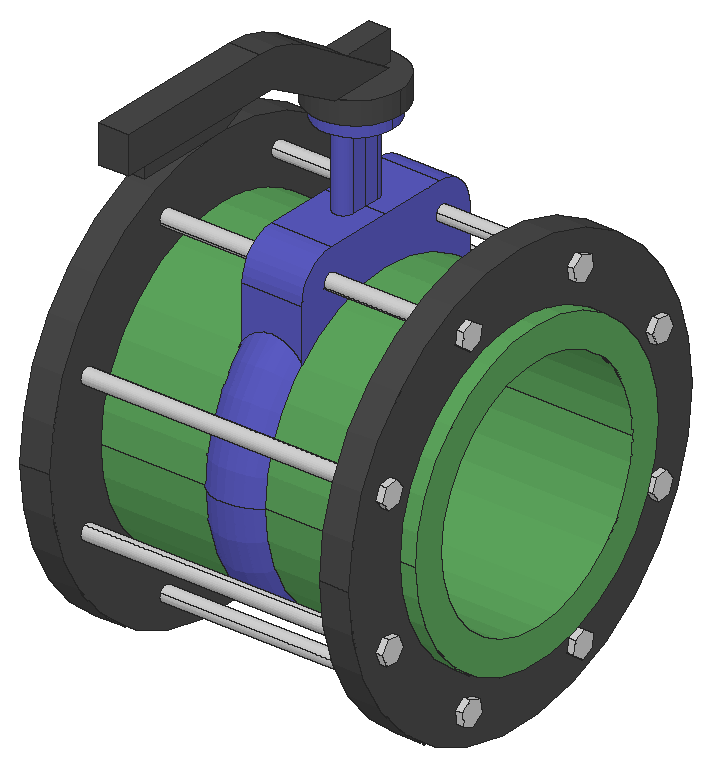
Revit family "Aquatherm_Запорный клапан с рычагом_1", category Соединительные детали трубопроводов, Revit 2019
Family settings
  Размер круглого соединителя = Использовать диаметр
  Тип детали = Соединение
  На основе рабочей плоскости = Нет
  Всегда вертикально = Да
  При загрузке вырезать с полостями = Нет
  Общий = Нет
Parameters (values of type "SDR 11")
  Материал_Корпус_3 = AquaTherm blue pipe
  Материал_Корпус_2 = AquaTherm black pipe
  Материал_Корпус = AquaTherm green pipe
  Материал_Гайки = AquaTherm сталь pipe
  z1 [instance] = 200 mm
  z [instance] = size_lookup("Запорный клапан с рычагом", "z", 5 mm, d, SDR)  # 227 mm
  n [instance] = d1 / 2 * cos(22.50°)  # 112.713 mm
  m [instance] = d1 / 2 * sin(22.50°)  # 46.687 mm
  d1 [instance] = (D - d) + D  # 244 mm
  URL = "www.agpipe.ru"
  SDR = 11 mm
  D [instance] = size_lookup("Запорный клапан с рычагом", "D", d + 8 mm, d, SDR)  # 202 mm
  l [instance] = size_lookup("Запорный клапан с рычагом", "L", 20 mm, d, SDR)  # 242 mm
  d [instance] = 160 mm
  ADSK_Примечание = ""
  ADSK_Позиция [instance] = ""
  ADSK_Обозначение = ""
  ADSK_Наименование [instance] = size_lookup("Запорный клапан с рычагом", "ADSK_Наименование", "Нет в каталоге", d)  # "Запорный клапан с рычагом DN160"
  ADSK_Масса_Текст [instance] = size_lookup("Запорный клапан с рычагом", "ADSK_Масса_Текст", "Нет в каталоге", d)  # "22"
  ADSK_Код изделия [instance] = size_lookup("Запорный клапан с рычагом", "ADSK_Код изделия", "Нет в каталоге", d)  # "2041830"
  ADSK_Завод-изготовитель = "Aquatherm"  # constant formula
  ADSK_Единица измерения = "шт."  # constant formula
Types (3, lengths in mm): name | SDR
  (no name) | 11
  SDR 11 | 11
  SDR 17.6 | 17.6
Reference planes
  plane 1 "По центру (Вперед/Назад)": y = 0
  plane 2: z = 0
  plane 3 "По центру (Влево/Вправо)": x = 0
  plane 4: x = -121
  plane 5: x = 121
  plane 6: x = -100
  plane 7: x = 100
Forms (mm)
  Extrusion 1, solid, material "AquaTherm green pipe" <- "Материал_Корпус"
    sketch origin (0, 0, 0) x (0, 1, 0) y (0, 0, 1)
      loop
        circle (0, 0) r 101
      loop
        circle (0, 0) r 80
    from -121 to 121
  Sweep 2, solid, material "AquaTherm blue pipe" <- "Материал_Корпус_3"
    path origin (0, 0, 0) x (0, 1, 0) y (0, 0, 1)
      loop
        circle (0, 0) r 101
    profile origin (0, 0, 101) x (0, 0, -1) y (1, 0, 0)
      loop
        arc (0, 20) -> (-8.406, 0) -> (0, -20) r 27.996
        line (0, -20) -> (0, 20)
  Extrusion 3, solid, material "AquaTherm blue pipe" <- "Материал_Корпус_3"
    sketch origin (0, 0, 50) x (1, 0, 0) y (0, 1, 0)
      loop
        circle (0, 0) r 25
    from 135 to 145
  Extrusion 4, solid, material "AquaTherm black pipe" <- "Материал_Корпус_2"
    sketch origin (0, 0, 50) x (1, 0, 0) y (0, 1, 0)
      loop
        circle (0, 0) r 30
    from 145 to 160
  Extrusion 5, solid, material "AquaTherm blue pipe" <- "Материал_Корпус_3"
    sketch origin (0, 0, 0) x (1, 0, 0) y (0, 1, 0)
      loop
        line (-7, 0) -> (-7, -10)
        arc (-7, -10) -> (-0.012, -16.988) -> (6.977, -10) r 6.988
        line (6.977, -10) -> (6.977, 0) -> (6.977, 10)
        arc (6.977, 10) -> (-0.012, 16.988) -> (-7, 10) r 6.988
        line (-7, 10) -> (-7, 0)
    from 0 to 185
  Extrusion 6, solid, material "AquaTherm black pipe" <- "Материал_Корпус_2"
    sketch origin (0, 0, 50) x (0, 1, 0) y (0, 0, 1)
      loop
        line (-30, 160) -> (15, 160) -> (-54.192, 203.761)
        arc (-54.192, 203.761) -> (-72.792, 212.134) -> (-92.987, 215) r 72.579
        line (-92.987, 215) -> (-201.962, 215) -> (-201.962, 190) -> (-81.962, 190) -> (-30, 160)
    from -10 to 10
  Extrusion 7, solid, material "AquaTherm black pipe" <- "Материал_Корпус_2"
    sketch origin (0, 0, 50) x (0, 1, 0) y (0, 0, 1)
      loop
        line (-185, 190) -> (-185, 180) -> (-118.555, 180) -> (-97.11, 190) -> (-185, 190)
      loop
        line (20, 160) -> (20, 180) -> (-20, 180) -> (-20, 160) -> (20, 160)
    from -7 to 6.977
  Extrusion 8, void
    sketch origin (0, 0, 0) x (0, 1, 0) y (0, 0, 1)
      loop
        circle (0, 0) r 80
    from -121 to 121
  Extrusion 9, solid, material "AquaTherm blue pipe" <- "Материал_Корпус_3"
    sketch origin (0, 0, 0) x (0, 1, 0) y (0, 0, 1)
      loop
        line (0, 132.628) -> (-45, 132.628)
        arc (-45, 132.628) -> (-62.678, 125.305) -> (-70, 107.628) r 25
        line (-70, 107.628) -> (-70, 0) -> (70, 0) -> (70, 107.628)
        arc (70, 107.628) -> (62.678, 125.305) -> (45, 132.628) r 25
        line (45, 132.628) -> (0, 132.628)
      loop
        circle (-46.687, 112.713) r 5
      loop
        circle (46.687, 112.713) r 5
    from -20 to 20
Cuts and joins
  joined: Extrusion 6, Extrusion 7
  Extrusion 8 cuts Sweep 2
  Extrusion 8 cuts Extrusion 5
  Extrusion 8 cuts Extrusion 9
  joined: Sweep 2, Extrusion 5, Extrusion 9
  Extrusion 8 cuts Extrusion 1
Lines and regions (mm)
  reference lines
    curve 1: line (-121, 0, 0) -> (121, 0, 0)
Dimensions and locks
  equal spacing: plane 4, plane 3 "По центру (Влево/Вправо)", plane 5
  "l": plane 4 to plane 5
  equal spacing: plane 6, plane 3 "По центру (Влево/Вправо)", plane 7
  "z1": plane 6 to plane 7
  "d": diameter of Extrusion 1 sketch curve
  "D": diameter of Extrusion 1 sketch curve
  "D": diameter of Sweep 2 sketch curve
  "d": diameter of Extrusion 8 sketch curve
  aligned and locked: level to plane 2
  aligned and locked: plane 5 to Extrusion 1
  aligned and locked: Extrusion 1 to plane 4
  aligned and locked: profile plane to Sweep 2 sketch curve
  aligned and locked: Extrusion 4 to Extrusion 3
  aligned and locked: nested 2 to plane 7
  aligned and locked: nested 1 to plane 6
  aligned and locked: plane 3 "По центру (Влево/Вправо)" to nested 3
  aligned and locked: plane 5 to curve 1
  aligned and locked: plane 4 to curve 1
  aligned and locked: Extrusion 8 to plane 4
  aligned and locked: plane 5 to Extrusion 8
Automatic sketch dimensions
  plane 1 "По центру (Вперед/Назад)" to Extrusion 3 sketch curve = 0 mm
  Extrusion 3 sketch curve to plane 3 "По центру (Влево/Вправо)" = 0 mm
  plane 1 "По центру (Вперед/Назад)" to Extrusion 4 sketch curve = 0 mm
  Extrusion 4 sketch curve to plane 3 "По центру (Влево/Вправо)" = 0 mm
  plane 1 "По центру (Вперед/Назад)" to Extrusion 5 sketch curve = 0 mm  (x2)
  Extrusion 5 sketch curve to plane 3 "По центру (Влево/Вправо)" = 7 mm
  Extrusion 5 sketch curve to plane 3 "По центру (Влево/Вправо)" = 0.012 mm
  Extrusion 5 sketch curve to Extrusion 5 sketch curve = 10 mm
  Extrusion 5 sketch curve to plane 1 "По центру (Вперед/Назад)" = 10 mm
  plane 1 "По центру (Вперед/Назад)" to Extrusion 6 sketch curve = 201.962 mm
  plane 1 "По центру (Вперед/Назад)" to Extrusion 6 sketch curve = 92.987 mm
  Extrusion 6 sketch curve to Extrusion 6 sketch curve = 11.026 mm
  Extrusion 6 sketch curve to Extrusion 6 sketch curve = 27.77 mm
  plane 1 "По центру (Вперед/Назад)" to Extrusion 6 sketch curve = 30 mm
  Extrusion 6 sketch curve to plane 1 "По центру (Вперед/Назад)" = 15 mm
  level to Extrusion 6 sketch curve = 192.421 mm
  Extrusion 6 sketch curve to Extrusion 6 sketch curve = 17.579 mm
  Extrusion 6 sketch curve to Extrusion 6 sketch curve = 47.579 mm
  Extrusion 6 sketch curve to Extrusion 6 sketch curve = 13.761 mm
  plane 1 "По центру (Вперед/Назад)" to Extrusion 7 sketch curve = 185 mm
  Extrusion 7 sketch curve to Extrusion 7 sketch curve = 66.445 mm
  Extrusion 7 sketch curve to Extrusion 7 sketch curve = 21.445 mm
  plane 1 "По центру (Вперед/Назад)" to Extrusion 7 sketch curve = 20 mm
  Extrusion 7 sketch curve to plane 1 "По центру (Вперед/Назад)" = 20 mm
  level to Extrusion 7 sketch curve = 230 mm
  Extrusion 7 sketch curve to Extrusion 7 sketch curve = 0 mm
  Extrusion 7 sketch curve to Extrusion 7 sketch curve = 10 mm
  Extrusion 7 sketch curve to Extrusion 7 sketch curve = 20 mm
  plane 1 "По центру (Вперед/Назад)" to curve 1 = 0 mm
  Sweep 2 sketch curve to plane 3 "По центру (Влево/Вправо)" = 0 mm
  Sweep 2 sketch curve to profile plane = 19.59 mm
  Sweep 2 sketch curve to plane 3 "По центру (Влево/Вправо)" = 20 mm
  level to Extrusion 9 sketch curve = 0 mm
  Extrusion 9 sketch curve to plane 1 "По центру (Вперед/Назад)" = 0 mm
  plane 1 "По центру (Вперед/Назад)" to Extrusion 9 sketch curve = 45 mm
  Extrusion 9 sketch curve to Extrusion 9 sketch curve = 1.687 mm  (x2)
  Extrusion 9 sketch curve to Extrusion 9 sketch curve = 23.313 mm  (x2)
  Extrusion 9 sketch curve to plane 1 "По центру (Вперед/Назад)" = 45 mm
  level to Extrusion 9 sketch curve = 107.628 mm
  Extrusion 9 sketch curve to Extrusion 9 sketch curve = 5.086 mm  (x2)
  Extrusion 1 sketch curve to Extrusion 1 sketch curve = 0 mm  (x2)
  Extrusion 1 sketch curve to level = 0 mm
  Extrusion 1 sketch curve to plane 1 "По центру (Вперед/Назад)" = 0 mm
  Sweep 2 sketch curve to level = 0 mm
  Sweep 2 sketch curve to plane 1 "По центру (Вперед/Назад)" = 0 mm
  Extrusion 8 sketch curve to level = 0 mm
  Extrusion 8 sketch curve to plane 1 "По центру (Вперед/Назад)" = 0 mm
  radius of Extrusion 3 sketch curve = 25 mm
  radius of Extrusion 4 sketch curve = 30 mm
  radius of Extrusion 9 sketch curve = 5 mm  (x2)
Nested families
  nested 1: "Aquatherm_Фланец" at (-100, 0, 0), DN <- "d", d <- "D", Материал_Фланец <- "Материал_Корпус_2", type "Aquatherm_Фланец"
    with Материал_Фланец AquaTherm black pipe, n 8, d2 22 mm, d1 240 mm, d 202 mm, N 8 mm, L 20 mm, DN 160 mm, D 286 mm, ADSK_Позиция "", ADSK_Обозначение "", ADSK_Наименование "Фланец DN160", ADSK_Масса_Текст "3.671", ADSK_Код изделия "15730"
  nested 2: "Aquatherm_Фланец" at (100, 0, 0) x (-1, 0, 0) z (0, 0, 1), DN <- "d", d <- "D", Материал_Фланец <- "Материал_Корпус_2", type "Aquatherm_Фланец"
    with Материал_Фланец AquaTherm black pipe, n 8, d2 22 mm, d1 240 mm, d 202 mm, N 8 mm, L 20 mm, DN 160 mm, D 286 mm, ADSK_Позиция "", ADSK_Обозначение "", ADSK_Наименование "Фланец DN160", ADSK_Масса_Текст "3.671", ADSK_Код изделия "15730"
  nested 3: "Винт" at (0, 0, 0), d1 <- "d1", z <- "z1", Материал_Корпус <- "Материал_Гайки", type "Винт"
    with Материал_Корпус AquaTherm сталь pipe, z2 220 mm, z1 180 mm, z 200 mm, d1 244 mm
  nested 4: "Винт" at (0, 0, 0) x (-1, 0, 0) z (0, 0, 1), d1 <- "d1", z <- "z1", Материал_Корпус <- "Материал_Гайки", type "Винт"
    with Материал_Корпус AquaTherm сталь pipe, z2 220 mm, z1 180 mm, z 200 mm, d1 244 mm
  nested 5: "Крепление" at (0, 0, 0), d1 <- "d1", z <- "z1", Материал_Корпус <- "Материал_Гайки", type "Крепление"
    with Материал_Корпус AquaTherm сталь pipe, z2 220 mm, z1 180 mm, z 200 mm, d1 244 mm
Connectors
  piping at (-121, 0, 0), diameter 160, driven by "d"
    settings: on curve 1, index 1, connector inside diameter 609.6 mm, connector length 0 mm, flow factor 0, pipe flow 0.0 L/s, pressure drop 0.0 Pa, fitting loss kfactor 0, connector angle 0.00°, fixture units 0, engagement length 0 mm, angle of deflection 0.00°, flow configuration 0, flow direction 0, fitting loss method 0, system type 28, joint type 0, gender type 0, connector reference index 2, connector utility 0, adjustable connector no, is connector primary yes, connector description ""
  piping at (121, 0, 0), diameter 160, driven by "d"
    settings: on curve 1, index 2, connector inside diameter 609.6 mm, connector length 0 mm, flow factor 0, pipe flow 0.0 L/s, pressure drop 0.0 Pa, fitting loss kfactor 0, connector angle 0.00°, fixture units 0, engagement length 0 mm, angle of deflection 0.00°, flow configuration 0, flow direction 0, fitting loss method 0, system type 28, joint type 0, gender type 0, connector reference index 1, connector utility 0, adjustable connector no, is connector primary no, connector description ""
Definition of nested family "Aquatherm_Фланец"
  Parameters (values of type "Aquatherm_Фланец")
    Материал_Фланец [instance] = none
    n [instance] = N / 1 mm  # 4
    URL = "http://aquatherm.ru/"
    N [instance] = size_lookup("Фланец", "N", 4 mm, DN)  # 4 mm
    L [instance] = 20 mm  # constant formula
    d2 [instance] = size_lookup("Фланец", "d2", 20 mm, DN)  # 18 mm
    d1 [instance] = size_lookup("Фланец", "d1", (D - d) / 2, DN)  # 145 mm
    d [instance] = 92 mm
    DN [instance] = 75 mm
    D [instance] = size_lookup("Фланец", "D", DN * 3, DN)  # 186 mm
    ADSK_Примечание = ""
    ADSK_Позиция [instance] = ""
    ADSK_Обозначение [instance] = ""
    ADSK_Наименование [instance] = size_lookup("Фланец", "ADSK_Наименование", "Нет в каталоге", DN)  # "Фланец DN75"
    ADSK_Масса_Текст [instance] = size_lookup("Фланец", "ADSK_Масса_Текст", "Нет в каталоге", DN)  # "1.132"
    ADSK_Код изделия [instance] = size_lookup("Фланец", "ADSK_Код изделия", "Нет в каталоге", DN)  # "15720"
    ADSK_Завод-изготовитель = "Aquatherm"  # constant formula
    ADSK_Единица измерения = "шт."  # constant formula
  Reference planes
    plane 1 "По центру (Вперед/Назад)": y = 0
    plane 2: z = 0
    plane 3 "По центру (Влево/Вправо)": x = 0
    plane 4: x = -10
    plane 5: x = 10
  Forms (mm)
    Extrusion 1, solid, material <- "Материал_Фланец"
      sketch origin (0, 0, 0) x (0, 1, 0) y (0, 0, 1)
        loop
          circle (0, 0) r 46
        loop
          circle (0, 0) r 93
      from -10 to 10
  Dimensions and locks
    equal spacing: plane 4, plane 3 "По центру (Влево/Вправо)", plane 5
    "L": plane 4 to plane 5
    "D": diameter of Extrusion 1 sketch curve
    "d": diameter of Extrusion 1 sketch curve
    aligned and locked: level to plane 2
    aligned and locked: Extrusion 1 to plane 4
    aligned and locked: Extrusion 1 to plane 5
  Automatic sketch dimensions
    Extrusion 1 sketch curve to Extrusion 1 sketch curve = 0 mm  (x2)
    Extrusion 1 sketch curve to level = 0 mm
    Extrusion 1 sketch curve to plane 1 "По центру (Вперед/Назад)" = 0 mm
Definition of nested family "Винт"
  Parameters (values of type "Винт")
    Материал_Корпус [instance] = none
    z2 [instance] = z + 20 mm  # 98 mm
    z1 [instance] = z - 20 mm  # 58 mm
    z [instance] = 78 mm
    d1 [instance] = 180 mm
  Reference planes
    plane 1 "По центру (Вперед/Назад)": y = 0
    plane 2: z = 0
    plane 3 "По центру (Влево/Вправо)": x = 0
    plane 4: x = -29
    plane 5: x = 29
    plane 6: x = 49
    plane 7: x = -49
    plane 8: x = 54
  Forms (mm)
    Extrusion 1, void
      sketch origin (0, 0, 0) x (0, 1, 0) y (0, 0, 1)
        loop
          circle (0, 0) r 275
      from 0 to 49
    Extrusion 2, void
      sketch origin (0, 0, 0) x (0, 1, 0) y (0, 0, 1)
        loop
          circle (0, 0) r 395
      from 54 to 1035.366
    Extrusion 3, solid, material <- "Материал_Корпус"
      sketch origin (49, 34.442, 83.149) x (0, -0.382683, -0.92388) y (0, 0.92388, -0.382683)
        loop
          line (7.5, 4.33) -> (0, 8.66) -> (-7.5, 4.33) -> (-7.5, -4.33) -> (0, -8.66) -> (7.5, -4.33) -> (7.5, 4.33)
      from -49 to 466
    Extrusion 4, solid, material <- "Материал_Корпус"
      sketch origin (49, 83.149, 34.442) x (0, -0.92388, -0.382683) y (0, 0.382683, -0.92388)
        loop
          line (7.5, 4.33) -> (0, 8.66) -> (-7.5, 4.33) -> (-7.5, -4.33) -> (0, -8.66) -> (7.5, -4.33) -> (7.5, 4.33)
      from -49 to 466
    Extrusion 5, solid, material <- "Материал_Корпус"
      sketch origin (49, 83.149, -34.442) x (0, -0.92388, 0.382683) y (0, -0.382683, -0.92388)
        loop
          line (7.5, 4.33) -> (0, 8.66) -> (-7.5, 4.33) -> (-7.5, -4.33) -> (0, -8.66) -> (7.5, -4.33) -> (7.5, 4.33)
      from -49 to 466
    Extrusion 6, solid, material <- "Материал_Корпус"
      sketch origin (49, 34.442, -83.149) x (0, -0.382683, 0.92388) y (0, -0.92388, -0.382683)
        loop
          line (7.5, 4.33) -> (0, 8.66) -> (-7.5, 4.33) -> (-7.5, -4.33) -> (0, -8.66) -> (7.5, -4.33) -> (7.5, 4.33)
      from -49 to 466
    Extrusion 7, solid, material <- "Материал_Корпус"
      sketch origin (49, -34.442, -83.149) x (0, 0.382683, 0.92388) y (0, -0.92388, 0.382683)
        loop
          line (7.5, 4.33) -> (0, 8.66) -> (-7.5, 4.33) -> (-7.5, -4.33) -> (0, -8.66) -> (7.5, -4.33) -> (7.5, 4.33)
      from -49 to 466
    Extrusion 8, solid, material <- "Материал_Корпус"
      sketch origin (49, -83.149, -34.442) x (0, 0.92388, 0.382683) y (0, -0.382683, 0.92388)
        loop
          line (7.5, 4.33) -> (0, 8.66) -> (-7.5, 4.33) -> (-7.5, -4.33) -> (0, -8.66) -> (7.5, -4.33) -> (7.5, 4.33)
      from -49 to 466
    Extrusion 9, solid, material <- "Материал_Корпус"
      sketch origin (49, -83.149, 34.442) x (0, 0.92388, -0.382683) y (0, 0.382683, 0.92388)
        loop
          line (7.5, 4.33) -> (0, 8.66) -> (-7.5, 4.33) -> (-7.5, -4.33) -> (0, -8.66) -> (7.5, -4.33) -> (7.5, 4.33)
      from -49 to 466
    Extrusion 10, solid, material <- "Материал_Корпус"
      sketch origin (49, -34.442, 83.149) x (0, 0.382683, -0.92388) y (0, 0.92388, 0.382683)
        loop
          line (7.5, 4.33) -> (0, 8.66) -> (-7.5, 4.33) -> (-7.5, -4.33) -> (0, -8.66) -> (7.5, -4.33) -> (7.5, 4.33)
      from -49 to 466
  Cuts and joins
    Extrusion 1, Extrusion 2 cuts Extrusion 3
    Extrusion 1, Extrusion 2 cuts Extrusion 4
    Extrusion 1, Extrusion 2 cuts Extrusion 5
    Extrusion 1, Extrusion 2 cuts Extrusion 10
    Extrusion 1, Extrusion 2 cuts Extrusion 6
    Extrusion 1, Extrusion 2 cuts Extrusion 9
    Extrusion 1, Extrusion 2 cuts Extrusion 7
    Extrusion 1, Extrusion 2 cuts Extrusion 8
  Lines and regions (mm)
    reference lines
      curve 1: circle (0, 0, 0) r 86.5 normal (1, 0, 0)
  Dimensions and locks
    equal spacing: plane 4, plane 3 "По центру (Влево/Вправо)", plane 5
    "z1": plane 4 to plane 5
    equal spacing: plane 7, plane 3 "По центру (Влево/Вправо)", plane 6
    "z2": plane 7 to plane 6
    locked: plane 6 to plane 8 at 5
    "d1": diameter of radial array
    aligned and locked: level to plane 2
    aligned and locked: plane 6 to Extrusion 1
    aligned and locked: Extrusion 2 to plane 8
  Automatic sketch dimensions
    Extrusion 1 sketch curve to level = 0 mm
    Extrusion 1 sketch curve to plane 1 "По центру (Вперед/Назад)" = 0 mm
    Extrusion 2 sketch curve to level = 0 mm
    Extrusion 2 sketch curve to plane 1 "По центру (Вперед/Назад)" = 0 mm
    curve 1 to level = 0 mm
    curve 1 to plane 1 "По центру (Вперед/Назад)" = 0 mm
    Extrusion 3 sketch curve to Extrusion 3 sketch curve = 7.5 mm  (x3)
    Extrusion 3 sketch curve to Extrusion 3 sketch curve = 0 mm
    Extrusion 3 sketch curve to Extrusion 3 sketch curve = 4.33 mm  (x2)
    Extrusion 3 sketch curve to Extrusion 3 sketch curve = 8.66 mm  (x2)
    Extrusion 4 sketch curve to Extrusion 4 sketch curve = 7.5 mm  (x3)
    Extrusion 4 sketch curve to Extrusion 4 sketch curve = 0 mm
    Extrusion 4 sketch curve to Extrusion 4 sketch curve = 4.33 mm  (x2)
    Extrusion 4 sketch curve to Extrusion 4 sketch curve = 8.66 mm  (x2)
    Extrusion 5 sketch curve to Extrusion 5 sketch curve = 7.5 mm  (x3)
    Extrusion 5 sketch curve to Extrusion 5 sketch curve = 0 mm
    Extrusion 5 sketch curve to Extrusion 5 sketch curve = 4.33 mm  (x2)
    Extrusion 5 sketch curve to Extrusion 5 sketch curve = 8.66 mm  (x2)
    Extrusion 6 sketch curve to Extrusion 6 sketch curve = 7.5 mm  (x3)
    Extrusion 6 sketch curve to Extrusion 6 sketch curve = 0 mm
    Extrusion 6 sketch curve to Extrusion 6 sketch curve = 4.33 mm  (x2)
    Extrusion 6 sketch curve to Extrusion 6 sketch curve = 8.66 mm  (x2)
    Extrusion 7 sketch curve to Extrusion 7 sketch curve = 7.5 mm  (x3)
    Extrusion 7 sketch curve to Extrusion 7 sketch curve = 0 mm
    Extrusion 7 sketch curve to Extrusion 7 sketch curve = 4.33 mm  (x2)
    Extrusion 7 sketch curve to Extrusion 7 sketch curve = 8.66 mm  (x2)
    Extrusion 8 sketch curve to Extrusion 8 sketch curve = 7.5 mm  (x3)
    Extrusion 8 sketch curve to Extrusion 8 sketch curve = 0 mm
    Extrusion 8 sketch curve to Extrusion 8 sketch curve = 4.33 mm  (x2)
    Extrusion 8 sketch curve to Extrusion 8 sketch curve = 8.66 mm  (x2)
    Extrusion 9 sketch curve to Extrusion 9 sketch curve = 7.5 mm  (x3)
    Extrusion 9 sketch curve to Extrusion 9 sketch curve = 0 mm
    Extrusion 9 sketch curve to Extrusion 9 sketch curve = 4.33 mm  (x2)
    Extrusion 9 sketch curve to Extrusion 9 sketch curve = 8.66 mm  (x2)
    Extrusion 10 sketch curve to Extrusion 10 sketch curve = 7.5 mm  (x3)
    Extrusion 10 sketch curve to Extrusion 10 sketch curve = 0 mm
    Extrusion 10 sketch curve to Extrusion 10 sketch curve = 4.33 mm  (x2)
    Extrusion 10 sketch curve to Extrusion 10 sketch curve = 8.66 mm  (x2)
    radius of Extrusion 1 sketch curve = 275 mm
    radius of Extrusion 2 sketch curve = 395 mm
    radius of curve 1 = 86.5 mm
Definition of nested family "Крепление"
  Parameters (values of type "Крепление")
    Материал_Корпус [instance] = none
    z2 [instance] = z + 20 mm  # 98 mm
    z1 [instance] = z - 20 mm  # 58 mm
    z [instance] = 78 mm
    d1 [instance] = 180 mm
  Reference planes
    plane 1 "По центру (Вперед/Назад)": y = 0
    plane 2: z = 0
    plane 3 "По центру (Влево/Вправо)": x = 0
    plane 4: x = -29
    plane 5: x = 29
    plane 6: x = 49
    plane 7: x = -49
    plane 8: x = 54
  Forms (mm)
    Extrusion 1, void
      sketch origin (0, 0, 0) x (0, 1, 0) y (0, 0, 1)
        loop
          circle (0, 0) r 275
      from -581.385 to -29
    Extrusion 2, void
      sketch origin (0, 0, 0) x (0, 1, 0) y (0, 0, 1)
        loop
          circle (0, 0) r 395
      from 29 to 1035.366
    Extrusion 3, solid, material <- "Материал_Корпус"
      sketch origin (0, -8.979, -21.678) x (0, 0.92388, -0.382683) y (0, 0.382683, 0.92388)
        loop
          circle (0, 113.464) r 5
      from -374.689 to 410.817
    Extrusion 4, solid, material <- "Материал_Корпус"
      sketch origin (0, -21.678, -8.979) x (0, 0.382683, -0.92388) y (0, 0.92388, 0.382683)
        loop
          circle (0, 113.464) r 5
      from -374.689 to 410.817
    Extrusion 5, solid, material <- "Материал_Корпус"
      sketch origin (0, -21.678, 8.979) x (0, -0.382683, -0.92388) y (0, 0.92388, -0.382683)
        loop
          circle (0, 113.464) r 5
      from -374.689 to 410.817
    Extrusion 6, solid, material <- "Материал_Корпус"
      sketch origin (0, -8.979, 21.678) x (0, -0.92388, -0.382683) y (0, 0.382683, -0.92388)
        loop
          circle (0, 113.464) r 5
      from -374.689 to 410.817
    Extrusion 7, solid, material <- "Материал_Корпус"
      sketch origin (0, 8.979, 21.678) x (0, -0.92388, 0.382683) y (0, -0.382683, -0.92388)
        loop
          circle (0, 113.464) r 5
      from -374.689 to 410.817
    Extrusion 8, solid, material <- "Материал_Корпус"
      sketch origin (0, 21.678, 8.979) x (0, -0.382683, 0.92388) y (0, -0.92388, -0.382683)
        loop
          circle (0, 113.464) r 5
      from -374.689 to 410.817
    Extrusion 9, solid, material <- "Материал_Корпус"
      sketch origin (0, 21.678, -8.979) x (0, 0.382683, 0.92388) y (0, -0.92388, 0.382683)
        loop
          circle (0, 113.464) r 5
      from -374.689 to 410.817
    Extrusion 10, solid, material <- "Материал_Корпус"
      sketch origin (0, 8.979, -21.678) x (0, 0.92388, 0.382683) y (0, -0.382683, 0.92388)
        loop
          circle (0, 113.464) r 5
      from -374.689 to 410.817
  Cuts and joins
    Extrusion 1, Extrusion 2 cuts Extrusion 3
    Extrusion 1, Extrusion 2 cuts Extrusion 4
    Extrusion 1, Extrusion 2 cuts Extrusion 5
    Extrusion 1, Extrusion 2 cuts Extrusion 10
    Extrusion 1, Extrusion 2 cuts Extrusion 6
    Extrusion 1, Extrusion 2 cuts Extrusion 9
    Extrusion 1, Extrusion 2 cuts Extrusion 7
    Extrusion 1, Extrusion 2 cuts Extrusion 8
  Lines and regions (mm)
    reference lines
      curve 1: circle (0, 0, 0) r 86.5 normal (1, 0, 0)
  Dimensions and locks
    equal spacing: plane 4, plane 3 "По центру (Влево/Вправо)", plane 5
    "z1": plane 4 to plane 5
    equal spacing: plane 7, plane 3 "По центру (Влево/Вправо)", plane 6
    "z2": plane 7 to plane 6
    locked: plane 6 to plane 8 at 5
    "d1": diameter of radial array
    aligned and locked: level to plane 2
    aligned and locked: plane 4 to Extrusion 1
    aligned and locked: Extrusion 2 to plane 5
  Automatic sketch dimensions
    Extrusion 1 sketch curve to level = 0 mm
    Extrusion 1 sketch curve to plane 1 "По центру (Вперед/Назад)" = 0 mm
    Extrusion 2 sketch curve to level = 0 mm
    Extrusion 2 sketch curve to plane 1 "По центру (Вперед/Назад)" = 0 mm
    curve 1 to level = 0 mm
    curve 1 to plane 1 "По центру (Вперед/Назад)" = 0 mm
    radius of Extrusion 1 sketch curve = 275 mm
    radius of Extrusion 2 sketch curve = 395 mm
    radius of curve 1 = 86.5 mm
    radius of Extrusion 3 sketch curve = 5 mm
    radius of Extrusion 4 sketch curve = 5 mm
    radius of Extrusion 5 sketch curve = 5 mm
    radius of Extrusion 6 sketch curve = 5 mm
    radius of Extrusion 7 sketch curve = 5 mm
    radius of Extrusion 8 sketch curve = 5 mm
    radius of Extrusion 9 sketch curve = 5 mm
    radius of Extrusion 10 sketch curve = 5 mm
